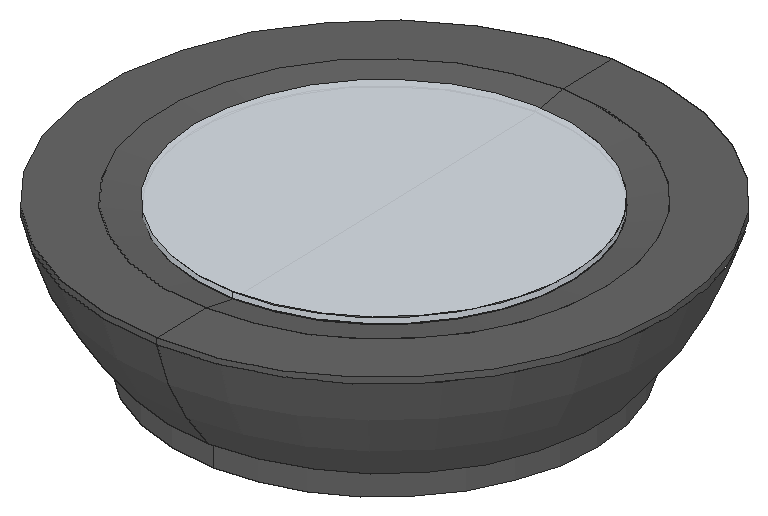
Revit family "SRT1-Surface", category Lighting Fixtures, host Face, Revit 2014
Parameters (values of type "SRT1")
  Wattage Comments = "20-55W"
  Wattage = 55 W
  Warranty = "• 5 year warranty\r\n• See HLI Standard Warranty for\r\nadditional information"  # constant formula
  built-in parameter 1150110 = 1 (stored number, unit not read)
  Voltage = 120 V
  built-in parameter 1114217 = 1 (stored number, unit not read)
  Tilt Angle = -90.00°  # constant formula
  built-in parameter 1150109 = 1 (stored number, unit not read)
  built-in parameter 1150134 = 3
  built-in parameter 1150113 = 1 (stored number, unit not read)
  Photometric Web File = "SRT1-55-3K7-5C.ies"
  Features = "•\tCompact and low profile housing measuring 12inch x 3.1inch\r\n•\tVisual comfort edge-lit design\r\n•\t2,500-6,000 lumens\r\n•\tOption uplight module provides 800 lumens of indirect illumination\r\n•\tSurface and pendant mounting options\r\n•\tControl options including occupancy sensing with photocontrol\r\n•\tOptional bird shield and vandal deterring wire guard\r\n\r\n"  # constant formula
  Cord Height = 17.500"  # constant formula
  built-in parameter 1150105 = 433.3 (stored number, unit not read)
  Lumens = 5445 lm
  built-in parameter 1150115 = 1 (stored number, unit not read)
  built-in parameter 1150137 = (empty or 0)
  built-in parameter 1150139 = (empty or 0)
  built-in parameter 1150112 = 1 (stored number, unit not read)
  built-in parameter 1150114 = 1 (stored number, unit not read)
  built-in parameter 1150132 = (empty or 0)
  built-in parameter 1150102 = (empty or 0)
  built-in parameter 1150107 = 3200 (stored number, unit not read)
  built-in parameter 1150138 = (empty or 0)
  built-in parameter 1150106 = 4.333 (stored number, unit not read)
  Emit from Circle Diameter = 4.000"  # constant formula
  Emit Shape Visible in Rendering = no
  built-in parameter 1150104 = 9.1974 (stored number, unit not read)
  Dimming Lamp Color Temperature Shift = <None>
  Copyright = "© 2019 Beacon, a division of Hubbell Lighting, Inc"  # constant formula
  Contact us = "https://www.hubbell.com/hubbelllightingci/en/contactUs"
  Color Filter = 16777215
  Certifications = "• cCSAus certified to UL 1598\r\n• Wall Mount: Suitable for wet locations\r\n• Surface & Pendant Mount: Suitable for wet\r\nlocations under covered ceiling\r\n• Cord Mount and all Wall Wash: Suitable for\r\ndamp locations"  # constant formula
  built-in parameter 1114218 = 1 (stored number, unit not read)
  Ballast = Paint - Hubbell - Carbon Black
  URL = "https://www.hubbell.com/hubbelllightingci/en"
  Product Page URL = "https://www.hubbell.com/hubbelllightingci/en/Products/Lighting-Controls/Commercial-Outdoor-Lighting/Ceiling-Canopy-Garage/Drive-SRT1/p/3886354"
  Product Documentation Link = "https://hubbellcdn.com/specsheet/BEA_SRT1_Edgelit.pdf"
  Model = "SRT1"  # constant formula
  Manufacturer = "Beacon"  # constant formula
  Lamp = "LED Lamp"
  Reflector = Glass - Hubbell - Glass
  Description = "Small Edge-Lit luminaire, the ideal solution for parking garage and canopy applications. Provides exceptional visual comfort and photometric performance in sleek low profile housing. Available in a wide range of lumen outputs and photometric distributions paired with a specially designed lens for optimal visual comfort and performance."  # constant formula
  Default Elevation = 48.000"
  built-in parameter 1150133 = 10 (stored number, unit not read)
  Apparent Load = 25 VA  # constant formula
Reference planes (in)
  plane 1 "Center (Front/Back)": y = 0
  plane 2: z = 0
  plane 3 "Center (Left/Right)": x = 0
  plane 4: x = -1
  plane 5: y = 1
  plane 6: x = 1
  plane 7: y = -1
Dimensions and locks (in)
  plane 4 to plane 3 "Center (Left/Right)" to plane 6 = 1.000" locked, 1.000" locked
  plane 5 to plane 1 "Center (Front/Back)" to plane 7 = 1.000" locked, 1.000" locked
  aligned and locked: plane 2 to host face
  aligned and locked: plane 3 "Center (Left/Right)" to imposter light
  aligned and locked: imposter light to nested 1
Nested families (in)
  nested 1: "LTC" at (0, 0, 0) x (0, 1, 0) z (0, 0, 1), Ballast <- "Ballast", Reflector <- "Reflector", type "6"
    with Reflector Glass - Hubbell - Glass, Ballast Paint - Hubbell - Carbon Black
Connectors (in)
  electrical at (0, 0, 0), driven by "Description", driven by "Voltage", driven by "Apparent Load"
    settings: index 1, voltage 120 V, apparent load 25 VA, apparent load phase1 0 VA, apparent load phase2 0 VA, apparent load phase3 0 VA, power factor 1, load classification "Other", number of poles 1, system type 30, power factor state 1, is connector primary yes, connector utility no, sub classification motor no, connector description "Small Edge-Lit luminaire, the ideal solution for parking garage and canopy applications. Provides exceptional visual comfort and photometric performance in sleek low profile housing. Available in a wide range of lumen outputs and photometric distributions paired with a specially designed lens for optimal visual comfort and performance."
Definition of nested family "LTC"
  Parameters (values of type "6")
    Width = 12.000"
    Wattage Comments = ""
    Lamp = ""
    Ballast [instance] = Finish - Hubbell - Aluminium
    URL = ""
    Product Page URL = ""
    Product Documentation Link = ""
    Model = ""
    Manufacturer Phone = ""
    Manufacturer Fax = ""
    Manufacturer = "Prescolite"
    Reflector [instance] = Glass - Hubbell - Glass
    Description = ""
    Default Elevation = 48.000"
  Reference planes (in)
    plane 1 "Center (Front/Back)": y = 0
    plane 2: z = 0
    plane 3 "Center (Left/Right)": x = 0
    plane 4: y = 7.75
    plane 5: y = -7.75
    plane 6: x = -6
    plane 7: x = 6
    plane 8: z = 3.1
    plane 9: z = 0.125
    plane 10: x = 5.875
    plane 11: z = 2.975
  Forms (in)
    Extrusion 1, solid
      sketch origin (0, 0, 0) x (1, 0, 0) y (0, 1, 0)
        loop
          line (-48, 48) -> (-48, -48) -> (48, -48) -> (48, 48) -> (-48, 48)
      from 0 to -6
    Extrusion 2, solid, material "Glass - Hubbell - Glass" <- "Reflector"
      sketch origin (0, 0, 30.25) x (1, 0, 0) y (0, 1, 0)
        loop
          circle (0, 0) r 4
      from -27.15 to -27.275
    Revolve 3, solid, material "Finish - Hubbell - Aluminium" <- "Ballast"
      sketch origin (0, 0, -1.25) x (1, 0, 0) y (0, 0, 1)
        loop
          line (0, 1.25) -> (4.5, 1.25) -> (4.5, 1.75) -> (4.61174, 1.75)
          arc (4.61174, 1.75) -> (5.45102, 2.90609) -> (6, 4.225) r 6.13184
          line (6, 4.225) -> (6, 4.35) -> (4.70891, 4.35) -> (4, 4.225) -> (0, 4.225) -> (0, 1.25)
        axis (0, 4.35) -> (0, 1.25)
      angle from 0 to 360
  Dimensions and locks (in)
    locked: plane 4 to plane 1 "Center (Front/Back)" at 7.75
    locked: plane 5 to plane 1 "Center (Front/Back)" at 7.75
    "Width": plane 7 to plane 6
    plane 8 to Extrusion 1 = 3.100"
    locked: plane 8 to plane 11 at 0.125
    locked: plane 7 to plane 10 at 0.125
    equal spacing: plane 7, plane 3 "Center (Left/Right)", plane 6
    locked: plane 9 to Extrusion 1 at 0.125
    aligned and locked: plane 2 to Extrusion 1
    aligned and locked: Extrusion 2 to plane 11
  Automatic sketch dimensions
    Extrusion 1 sketch curve to Extrusion 1 sketch curve = 96.000"  (x2)
    Revolve 3 sketch curve to plane 3 "Center (Left/Right)" = 0.000"  (x2)
    Revolve 3 sketch curve to level = 0.000"
    Revolve 3 sketch curve to plane 11 = 0.000"  (x2)
    Revolve 3 sketch curve to plane 8 = 0.000"
    Revolve 3 sketch curve to plane 7 = 0.000"
    plane 3 "Center (Left/Right)" to Revolve 3 sketch curve = 0.10303"
    Revolve 3 sketch curve to plane 10 = 1.375"
    Revolve 3 sketch curve to Revolve 3 sketch curve = 0.11174"
    Revolve 3 sketch curve to Revolve 3 sketch curve = 0.500"
    Revolve 3 sketch curve to plane 10 = 1.875"
    Revolve 3 sketch curve to Revolve 3 sketch curve = 0.70891"
    Revolve 3 sketch curve to level = 10.000"
    Revolve 3 sketch curve to Revolve 3 sketch curve = 8.000"
    plane 1 "Center (Front/Back)" to Extrusion 2 sketch curve = 0.000"
    Extrusion 2 sketch curve to plane 3 "Center (Left/Right)" = 0.000"
    radius of Extrusion 2 sketch curve = 4.000"
